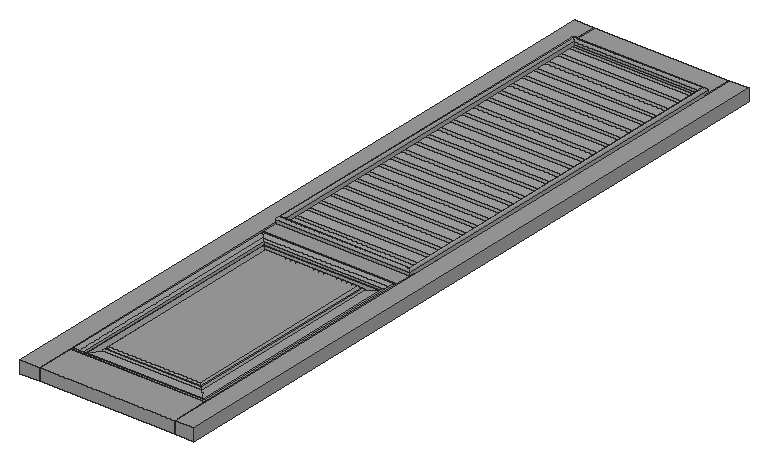
Revit family "Artisan French Quarter", category Generic Models, Revit 2017
Family settings
  Can host rebar = No
  Round Connector Dimension = Use Diameter
  Part Type = Normal
  Work Plane-Based = Yes
  Always vertical = No
  Cut with Voids When Loaded = No
  Shared = No
  Room Calculation Point = No
Parameters
  URL = "www.newhorizonshutters.com"
  Type Comments = "****All shutter dimensions and configurations to be approved by NHSI****"
  Top Rail = 0' - 3 1/4"
  Shutter Width = 1' - 6"
  Shutter Thickness = 0' - 1 1/4"
  Shutter Height = 6' - 0"
  Model = "Artisan French Quarter"
  Mid Rail Height = 2' - 6"
  Mid Rail = 0' - 2 1/4"
  Manufacturer = "New Horizon Shutters"
  Louver Section 2 = Shutter Height - Mid Rail Height - (Mid Rail * 0.5) - Top Rail - 0' 1 7/8"  # 2' - 11 3/4"
  Louver Section 1 = Mid Rail Height - Bottom Rail - (Mid Rail * 0.5) - 0' 1 7/8"  # 1' - 11"
  Louver Length = Shutter Width - 0' 4"  # 1' - 2"
  Finish Color = Default
  Default Elevation = 4' - 0"
  Charleston Louver Trim Panel 2 = yes
  Bottom Rail = 0' - 4"
Reference planes (in)
  plane 1 "Center (Front/Back)": y = 0
  plane 2: z = 0
  plane 3 "Center (Left/Right)": x = 0
  plane 4: x = -9
  plane 5: x = 9
  plane 6: y = 72
  plane 7: y = 4
  plane 8: y = 68.75
  plane 9: z = 1.25
  plane 10: z = 0.625
  plane 11: x = -7
  plane 12: x = 7
  plane 13: y = 69.25
  plane 14: y = 30
  plane 15: y = 31.125
  plane 16: y = 28.875
  plane 17: y = 32.0625
  plane 18: y = 30.625
  plane 19: z = 1.14492
Forms (in)
  Extrusion 1, solid, material "Default" <- "Finish Color"
    sketch origin (0, 0, 0) x (1, 0, 0) y (0, 1, 0)
      loop
        line (-9, 72) -> (-9, 0) -> (-7, 0) -> (-7, 72) -> (-9, 72)
    from 0 to 1.25
  Extrusion 2, solid, material "Default" <- "Finish Color"
    sketch origin (0, 0, 0) x (-1, 0, 0) y (0, -1, 0)
      loop
        line (-9, -72) -> (-7, -72) -> (-7, 0) -> (-9, 0) -> (-9, -72)
    from 0 to 1.25
  Extrusion 3, solid, material "Default" <- "Finish Color"
    sketch origin (0, 0, 0) x (1, 0, 0) y (0, 1, 0)
      loop
        line (-7, 4) -> (-7, 0) -> (7, 0) -> (7, 4) -> (-7, 4)
    from 0 to 1.25
  Extrusion 4, solid, material "Default" <- "Finish Color"
    sketch origin (0, 0, 0) x (1, 0, 0) y (0, 1, 0)
      loop
        line (-7, 72) -> (-7, 68.75) -> (7, 68.75) -> (7, 72) -> (-7, 72)
    from 0 to 1.25
  Extrusion 5, solid, material "Default" <- "Finish Color"
    sketch origin (0, 0, 0) x (1, 0, 0) y (0, 1, 0)
      loop
        line (-7, 31.125) -> (-7, 28.875) -> (7, 28.875) -> (7, 31.125) -> (-7, 31.125)
    from 0 to 1.25
  Sweep 6, solid, material "Default" <- "Finish Color", visible <- "Charleston Louver Trim Panel 2"
    path origin (0, 0, 0) x (1, 0, 0) y (0, 1, 0)
      loop
        line (-7, 30.625) -> (7, 30.625) -> (7, 69.25) -> (-7, 69.25) -> (-7, 30.625)
    profile origin (0, 30.625, 0) x (0, 1, 0) y (0, 0, 1)
      loop
        arc (0.49732, 1.52983) -> (0.42661, 1.70052) -> (0.25592, 1.77123) r 0.2414
        arc (0.25592, 1.77123) -> (0.0759, 1.70585) -> (0, 1.53001) r 0.24164
        line (0, 1.53001) -> (0, 1.14492) -> (0.49732, 1.14492) -> (0.49732, 1.52983)
  Sweep 7, solid, material "Default" <- "Finish Color", visible <- "Charleston Louver Trim Panel 2"
    path origin (0, 0, 1.25) x (0, -1, 0) y (1, 0, 0)
      loop
        line (-30.625, -7) -> (-30.625, 7) -> (-69.25, 7) -> (-69.25, -7) -> (-30.625, -7)
    profile origin (0, 30.625, 1.25) x (0, 1, 0) y (0, 0, 1)
      loop
        line (0.49732, -1.52983) -> (0.49732, -1.14492) -> (0, -1.14492) -> (0, -1.53001)
        arc (0, -1.53001) -> (0.0759, -1.70585) -> (0.25592, -1.77123) r 0.24164
        arc (0.25592, -1.77123) -> (0.42661, -1.70052) -> (0.49732, -1.52983) r 0.2414
  Extrusion 8, solid, material "Default" <- "Finish Color"
    sketch origin (0, 0, 0) x (1, 0, 0) y (0, 1, 0)
      loop
        line (-7, 4) -> (7, 4) -> (7, 28.875) -> (-7, 28.875) -> (-7, 4)
    from 0 to 1.25
  Sweep 9, void
    path origin (0, 0, 0) x (1, 0, 0) y (0, 1, 0)
      loop
        line (-7, 28.875) -> (-7, 4) -> (7, 4) -> (7, 28.875) -> (-7, 28.875)
    profile origin (0, 28.875, 0) x (0, 1, 0) y (0, 0, 1)
      loop
        arc (-0.45799, 1.04711) -> (-0.24751, 1.1862) -> (0, 1.235) r 0.65213
        line (0, 1.235) -> (0, 1.75) -> (-2.22511, 1.75) -> (-2.22511, 1.25)
        arc (-2.22511, 1.25) -> (-2.14753, 1.14949) -> (-2.04494, 1.07469) r 0.44963
        line (-2.04494, 1.07469) -> (-2.04741, 1.0363)
        arc (-2.04741, 1.0363) -> (-1.93066, 0.99933) -> (-1.85904, 0.9) r 0.19481
        line (-1.85904, 0.9) -> (-0.85904, 0.66) -> (-0.79915, 0.66) -> (-0.79915, 0.86)
        arc (-0.79915, 0.86) -> (-0.60656, 0.91342) -> (-0.45799, 1.04711) r 0.43628
Cuts and joins
  Sweep 9 cuts Extrusion 1
  Sweep 9 cuts Extrusion 2
  Sweep 9 cuts Extrusion 3
  Sweep 9 cuts Extrusion 5
  Sweep 9 cuts Extrusion 8
Dimensions and locks (in)
  equal spacing: plane 4, plane 3 "Center (Left/Right)", plane 5
  "Shutter Width": plane 4 to plane 5
  "Shutter Height": plane 1 "Center (Front/Back)" to plane 6
  "Top Rail": plane 6 to plane 8
  "Bottom Rail": plane 1 "Center (Front/Back)" to plane 7
  equal spacing: plane 9, plane 10, level
  "Shutter Thickness": plane 9 to level
  plane 1 "Center (Front/Back)" to Extrusion 1 = 6' - 0"
  locked: plane 4 to plane 11 at 2
  locked: plane 12 to plane 5 at 2
  locked: plane 13 to plane 8 at 0.5
  "Mid Rail Height": plane 1 "Center (Front/Back)" to plane 14
  equal spacing: plane 15, plane 14, plane 16
  "Mid Rail": plane 15 to plane 16
  locked: plane 17 to plane 15 at 0.9375
  locked: plane 15 to plane 18 at 0.5
  aligned and locked: plane 2 to level
  aligned and locked: Extrusion 1 sketch curve to plane 6
  aligned and locked: plane 4 to Extrusion 1 sketch curve
  aligned and locked: Extrusion 1 sketch curve to plane 1 "Center (Front/Back)"
  aligned and locked: Extrusion 1 sketch curve to plane 11
  aligned and locked: Extrusion 1 to level
  aligned and locked: plane 9 to Extrusion 1
  aligned and locked: plane 12 to Extrusion 2 sketch curve
  aligned and locked: Extrusion 3 sketch curve to plane 7
  aligned and locked: plane 11 to Extrusion 3 sketch curve
  aligned and locked: Extrusion 3 sketch curve to Extrusion 2
  aligned and locked: Extrusion 2 to Extrusion 3 sketch curve
  aligned and locked: Extrusion 3 to level
  aligned and locked: plane 9 to Extrusion 3
  aligned and locked: Extrusion 4 sketch curve to Extrusion 1
  aligned and locked: plane 11 to Extrusion 4 sketch curve
  aligned and locked: plane 8 to Extrusion 4 sketch curve
  aligned and locked: plane 12 to Extrusion 4 sketch curve
  aligned and locked: Extrusion 4 to level
  aligned and locked: plane 9 to Extrusion 4
  aligned and locked: Extrusion 2 to level
  aligned and locked: plane 9 to Extrusion 2
  aligned and locked: plane 10 to nested 1
  aligned and locked: nested 1 to plane 17
  aligned and locked: plane 3 "Center (Left/Right)" to nested 1
  aligned and locked: Extrusion 5 sketch curve to plane 15
  aligned and locked: plane 11 to Extrusion 5 sketch curve
  aligned and locked: plane 16 to Extrusion 5 sketch curve
  aligned and locked: plane 12 to Extrusion 5 sketch curve
  aligned and locked: Extrusion 5 to level
  aligned and locked: plane 9 to Extrusion 5
  aligned and locked: plane 19 to nested 1
  aligned and locked: Sweep 6 sketch curve to plane 18
  aligned and locked: Sweep 6 sketch curve to plane 11
  aligned and locked: plane 13 to Sweep 6 sketch curve
  aligned and locked: Sweep 6 sketch curve to plane 12
  aligned and locked: Extrusion 8 sketch curve to Extrusion 3  (x2)
  aligned and locked: Extrusion 8 sketch curve to Extrusion 5  (x2)
  aligned and locked: Extrusion 8 to level
  aligned and locked: plane 9 to Extrusion 8
  aligned and locked: Sweep 9 sketch curve to Extrusion 5
  aligned and locked: Sweep 9 sketch curve to Extrusion 8  (x2)
  aligned and locked: Sweep 9 sketch curve to Extrusion 3
Automatic sketch dimensions
  plane 1 "Center (Front/Back)" to Extrusion 2 sketch curve = 0' - 0"
  Extrusion 2 sketch curve to plane 5 = 0' - 0"
  Extrusion 2 sketch curve to plane 6 = 0' - 0"
  Sweep 6 sketch curve to profile plane = 0' - 0"
  Sweep 6 sketch curve to profile plane = 0' - 0.24164"
  Sweep 6 sketch curve to Sweep 6 sketch curve = 0' - 0.01428"
  Sweep 6 sketch curve to Sweep 6 sketch curve = 0' - 0.2414"
  level to Sweep 6 sketch curve = 0' - 1.14492"
  Sweep 6 sketch curve to Sweep 6 sketch curve = 0' - 0.38491"
  Sweep 7 sketch curve to plane 11 = 0' - 0"
  Sweep 7 sketch curve to plane 13 = 0' - 0"
  Sweep 7 sketch curve to plane 18 = 0' - 0"
  Sweep 7 sketch curve to plane 12 = 0' - 0"
  Sweep 7 sketch curve to profile plane = 0' - 0"
  Sweep 7 sketch curve to Sweep 7 sketch curve = 0' - 0.24164"
  Sweep 7 sketch curve to Sweep 7 sketch curve = 0' - 0.01428"
  Sweep 7 sketch curve to Sweep 7 sketch curve = 0' - 0.2414"
  Sweep 7 sketch curve to profile plane = 0' - 1.53001"
  Sweep 7 sketch curve to Sweep 7 sketch curve = 0' - 0.38491"
  profile plane to Sweep 9 sketch curve = 0' - 2.22511"
  Sweep 9 sketch curve to Sweep 9 sketch curve = 0' - 0.17771"
  level to Sweep 9 sketch curve = 0' - 1.07469"
  Sweep 9 sketch curve to Sweep 9 sketch curve = 0' - 0.00247"
  Sweep 9 sketch curve to Sweep 9 sketch curve = 0' - 0.00255"
  level to Sweep 9 sketch curve = 0' - 0.9"
  Sweep 9 sketch curve to Sweep 9 sketch curve = 0' - 0.18582"
  Sweep 9 sketch curve to Sweep 9 sketch curve = 0' - 0.21097"
  Sweep 9 sketch curve to Sweep 9 sketch curve = 0' - 1"
  Sweep 9 sketch curve to Sweep 9 sketch curve = 0' - 0.04269"
  Sweep 9 sketch curve to Sweep 9 sketch curve = 0' - 0.05989"
  Sweep 9 sketch curve to Sweep 9 sketch curve = 0' - 0.81635"
  Sweep 9 sketch curve to Sweep 9 sketch curve = 0' - 0.04"
  Sweep 9 sketch curve to Sweep 9 sketch curve = 0' - 0.0585"
  Sweep 9 sketch curve to Sweep 9 sketch curve = 0' - 0.2"
  Sweep 9 sketch curve to Sweep 9 sketch curve = 0' - 0.07713"
  Sweep 9 sketch curve to Sweep 9 sketch curve = 0' - 0.65213"
  Sweep 9 sketch curve to Sweep 9 sketch curve = 0' - 0.17531"
  Sweep 9 sketch curve to Sweep 9 sketch curve = 0' - 0.43594"
  Sweep 9 sketch curve to Sweep 9 sketch curve = 0' - 0.27826"
Nested families (in)
  nested 1: "Flat Edge Louver System 2" at (0, 32.0625, 0.1051), type "Flat Edge Louver System 2"
Definition of nested family "Flat Edge Louver System 2"
  Parameters (values of type "Flat Edge Louver System 2")
    Number Of Louvers = Louver Span / Louver Spacing  # 24
    Louver Span = 2' - 11 3/4"
    Louver Spacing = 0' - 1 1/2"
    Louver Length = 1' - 2"
    Finish Color = none
  Reference planes (in)
    plane 1 "Center (Front/Back)": y = 0
    plane 2: z = 0
    plane 3 "Center (Left/Right)": x = 0
    plane 4: x = 7
    plane 5: x = -7
    plane 6: z = 0.5199
    plane 7: y = 35.75
  Dimensions and locks (in)
    equal spacing: plane 5, plane 3 "Center (Left/Right)", plane 4
    "Louver Length": plane 5 to plane 4
    locked: plane 6 to level at 0.5199
    equal spacing: group 1, group 3, group 4, group 5, group 6, group 7, group 8, group 9, group 10, group 11, group 12, group 13, group 14, group 15, group 16, group 17, group 18, group 19, group 20, group 21, group 22, group 23, group 24, group 2  (x3)
    "Louver Span": plane 1 "Center (Front/Back)" to plane 7
    aligned and locked: plane 2 to level
    aligned and locked: plane 3 "Center (Left/Right)" to nested 1
    aligned and locked: plane 1 "Center (Front/Back)" to nested 1
    aligned and locked: nested 1 to plane 6
    aligned and locked: nested 2 to plane 7
  Nested families (in)
    nested 1: "Flat Edge Louver Single" at (0, 0, 0.5199), type "Flat Edge Louver Single"
    nested 2: "Flat Edge Louver Single" at (0, 35.75, 0.5199), type "Flat Edge Louver Single"
    nested 3: "Flat Edge Louver Single" at (0, 1.55435, 0.5199), type "Flat Edge Louver Single"
    nested 4: "Flat Edge Louver Single" at (0, 3.1087, 0.5199), type "Flat Edge Louver Single"
    nested 5: "Flat Edge Louver Single" at (0, 4.66304, 0.5199), type "Flat Edge Louver Single"
    nested 6: "Flat Edge Louver Single" at (0, 6.21739, 0.5199), type "Flat Edge Louver Single"
    nested 7: "Flat Edge Louver Single" at (0, 7.77174, 0.5199), type "Flat Edge Louver Single"
    nested 8: "Flat Edge Louver Single" at (0, 9.32609, 0.5199), type "Flat Edge Louver Single"
    nested 9: "Flat Edge Louver Single" at (0, 10.88043, 0.5199), type "Flat Edge Louver Single"
    nested 10: "Flat Edge Louver Single" at (0, 12.43478, 0.5199), type "Flat Edge Louver Single"
    nested 11: "Flat Edge Louver Single" at (0, 13.98913, 0.5199), type "Flat Edge Louver Single"
    nested 12: "Flat Edge Louver Single" at (0, 15.54348, 0.5199), type "Flat Edge Louver Single"
    nested 13: "Flat Edge Louver Single" at (0, 17.09783, 0.5199), type "Flat Edge Louver Single"
    nested 14: "Flat Edge Louver Single" at (0, 18.65217, 0.5199), type "Flat Edge Louver Single"
    nested 15: "Flat Edge Louver Single" at (0, 20.20652, 0.5199), type "Flat Edge Louver Single"
    nested 16: "Flat Edge Louver Single" at (0, 21.76087, 0.5199), type "Flat Edge Louver Single"
    nested 17: "Flat Edge Louver Single" at (0, 23.31522, 0.5199), type "Flat Edge Louver Single"
    nested 18: "Flat Edge Louver Single" at (0, 24.86957, 0.5199), type "Flat Edge Louver Single"
    nested 19: "Flat Edge Louver Single" at (0, 26.42391, 0.5199), type "Flat Edge Louver Single"
    nested 20: "Flat Edge Louver Single" at (0, 27.97826, 0.5199), type "Flat Edge Louver Single"
    nested 21: "Flat Edge Louver Single" at (0, 29.53261, 0.5199), type "Flat Edge Louver Single"
    nested 22: "Flat Edge Louver Single" at (0, 31.08696, 0.5199), type "Flat Edge Louver Single"
    nested 23: "Flat Edge Louver Single" at (0, 32.6413, 0.5199), type "Flat Edge Louver Single"
    nested 24: "Flat Edge Louver Single" at (0, 34.19565, 0.5199), type "Flat Edge Louver Single"
  Definition of nested family "Flat Edge Louver Single"
    Parameters (values of type "Flat Edge Louver Single")
      Finish Color = none
      FE Louver Length = 1' - 2"
    Reference planes (in)
      plane 1 "Center (Front/Back)": y = 0
      plane 2: z = 0
      plane 3 "Center (Left/Right)": x = 0
      plane 4: x = -7
      plane 5: x = 7
      plane 6: y = 0
    Forms (in)
      Extrusion 1, solid, material <- "Finish Color"
        sketch origin (0, -7.42635, -2.4345) x (0, 1, 0) y (0, 0, 1)
          loop
            line (7.80107, 2.95442) -> (6.60487, 1.91458) -> (7.05163, 1.91458) -> (8.24783, 2.95442) -> (7.80107, 2.95442)
        from -7 to 7
    Lines and regions (in)
      reference lines
        curve 1: line (0, -0.22338, 0) -> (0, 0.22338, 0)
    Dimensions and locks (in)
      equal spacing: plane 4, plane 3 "Center (Left/Right)", plane 5
      "FE Louver Length": plane 4 to plane 5
      aligned and locked: plane 2 to level
      aligned and locked: Extrusion 1 to curve 1  (x2)
      aligned and locked: plane 5 to Extrusion 1
      aligned and locked: Extrusion 1 to plane 4
    Automatic sketch dimensions
      plane 1 "Center (Front/Back)" to Extrusion 1 sketch curve = 0' - 0.37472"
      Extrusion 1 sketch curve to Extrusion 1 sketch curve = 0' - 0.44676"  (x2)
      Extrusion 1 sketch curve to plane 1 "Center (Front/Back)" = 0' - 0.37472"
      level to Extrusion 1 sketch curve = 0' - 0.51992"
      Extrusion 1 sketch curve to level = 0' - 0.51992"
      curve 1 to level = 0' - 0"
      plane 1 "Center (Front/Back)" to curve 1 = 0' - 0.22338"
      curve 1 to curve 1 = 0' - 0.44676"
